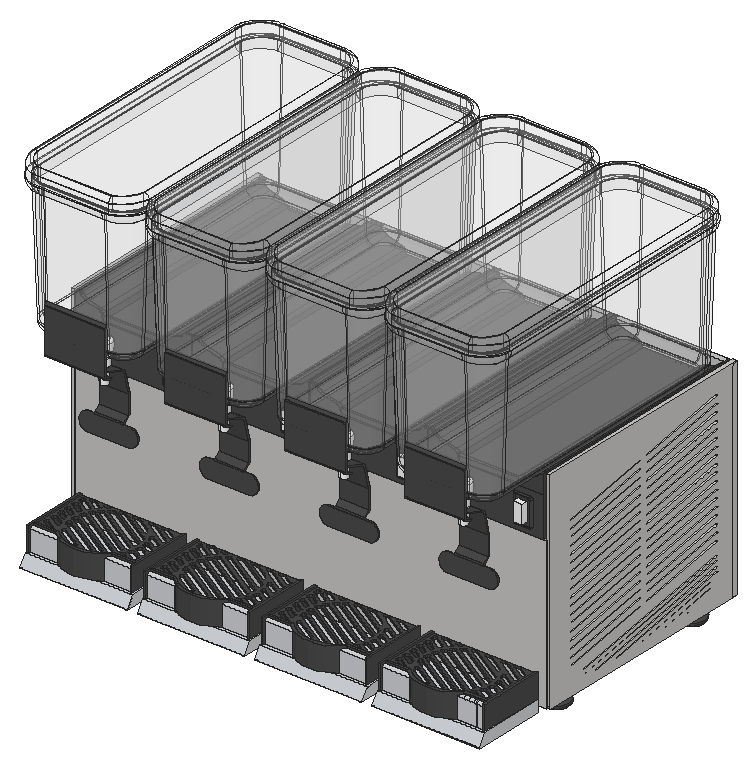
Revit family "QF_Vollrath-VBBD4-37T", category Specialty Equipment, Revit 2018 (continued)
Forms (in)
  Extrusion 59, solid, material "QF_Finishes-Black Plastic"
    sketch origin (14.07832, 0, 0) x (1, 0, 0) y (0, 0, 1)
      loop
        line (-1.76163, 12.68812) -> (-2.71887, 12.94461)
        arc (-2.71887, 12.94461) -> (-2.87282, 13.00838) -> (-3.00502, 13.10982) r 0.63833
        arc (-3.00502, 13.10982) -> (-3.04103, 13.1514) -> (-3.07072, 13.1977) r 0.3838
    from 3.12402 to 3.27362
  Extrusion 60, solid, material "QF_Finishes-Black Plastic"
    sketch origin (14.03594, -0.69203, -0.67436) x (0, 1, 0) y (0, 0, 1)
      loop
        arc (-6.7126, 12.77975) -> (-6.69637, 12.72827) -> (-6.65354, 12.69541) r 0.08975
        line (-6.65354, 12.69541) -> (-6.24829, 12.54791) -> (-6.22809, 12.6034) -> (-6.65354, 12.75825) -> (-6.65354, 15.43542) -> (-6.55627, 15.57434) -> (-6.585, 15.63626) -> (-6.69836, 15.47437)
        arc (-6.69836, 15.47437) -> (-6.70895, 15.45289) -> (-6.7126, 15.42921) r 0.07874
        line (-6.7126, 15.42921) -> (-6.7126, 12.77975)
    from -1.53543 to 2.09496
  Revolve 61, solid, material "QF_Finishes-White Rubber"
    sketch origin (14.33133, -0.00627, -0.98853) x (0, 1, 0) y (0, 0, 1)
      loop
        line (-5.26181, 11.35591) -> (-5.26181, 13.7196) -> (-5.58313, 13.7196)
        arc (-5.58313, 13.7196) -> (-5.66215, 13.68687) -> (-5.69488, 13.60785) r 0.11175
        line (-5.69488, 13.60785) -> (-5.6749, 12.85346) -> (-5.57506, 12.85346) -> (-5.57506, 12.36572) -> (-5.49364, 12.33608) -> (-5.49364, 11.35591) -> (-5.26181, 11.35591)
      axis (-5.26181, 11.35591) -> (-5.26181, 13.7196)
    angle from 0 to 360
  Extrusion 62, solid, material "QF_Finishes-Black Plastic"
    sketch origin (14.32352, 0.05623, -0.98853) x (0, 1, 0) y (0, 0, 1)
      loop
        line (-4.89794, 12.05642) -> (-4.5209, 10.64927) -> (-4.5209, 9.50735) -> (-4.87524, 9.24034)
        arc (-4.87524, 9.24034) -> (-4.89988, 9.20972) -> (-4.90703, 9.17106) r 0.08027
        line (-4.90703, 9.17106) -> (-4.84806, 9.16797) -> (-4.83447, 9.19711) -> (-4.4932, 9.45428)
        arc (-4.4932, 9.45428) -> (-4.47012, 9.48203) -> (-4.46184, 9.51717) r 0.07874
        line (-4.46184, 9.51717) -> (-4.46184, 10.65704) -> (-4.8302, 12.03176)
        arc (-4.8302, 12.03176) -> (-4.86865, 12.09212) -> (-4.92901, 12.13057) r 0.16532
        line (-4.92901, 12.13057) -> (-6.9898, 12.88064) -> (-7.01, 12.82515) -> (-4.89794, 12.05642)
    from -0.87952 to 0.8668
  Extrusion 63, solid, material "QF_Finishes-Black Plastic"
    sketch origin (14.31571, -0.40114, -1.21779) x (1, 0, 0) y (0, 0.052336, 0.99863)
      loop
        line (-1.23031, 8.07021) -> (1.23031, 8.07021)
        arc (1.23031, 8.07021) -> (1.77091, 8.61081) -> (1.23031, 9.1514) r 0.5406
        line (1.23031, 9.1514) -> (-1.23031, 9.1514)
        arc (-1.23031, 9.1514) -> (-1.77091, 8.61081) -> (-1.23031, 8.07021) r 0.5406
    from 4.87511 to 4.93413
  Sweep 64, solid, material "QF_Finishes-Clear Plastic"
    path origin (14.31571, 0, 0) x (1, 0, 0) y (0, 1, 0)
      loop
        arc (-2.3069, -6.00035) -> (-2.17234, -6.32521) -> (-1.84748, -6.45977) r 0.45942
        line (-1.84748, -6.45977) -> (1.84782, -6.45977)
        arc (1.84782, -6.45977) -> (2.17447, -6.32446) -> (2.30977, -5.99781) r 0.46195
        line (2.30977, -5.99781) -> (2.30977, 9.13206)
        arc (2.30977, 9.13206) -> (2.17447, 9.45871) -> (1.84782, 9.59402) r 0.46195
        line (1.84782, 9.59402) -> (-1.84748, 9.59402)
        arc (-1.84748, 9.59402) -> (-2.17234, 9.45946) -> (-2.3069, 9.1346) r 0.45942
        line (-2.3069, 9.1346) -> (-2.3069, -6.00035)
    profile origin (12.00881, 1.56713, 0) x (-1, 0, 0) y (0, 0, 1)
      loop
        line (1.00727, 21.24909) -> (0.86945, 21.24909) -> (0.60808, 13.43579)
        arc (0.60808, 13.43579) -> (0.48758, 13.16469) -> (0.21238, 13.05386) r 0.39514
        line (0.21238, 13.05386) -> (0.22508, 12.90709)
        arc (0.22508, 12.90709) -> (0.59013, 13.08301) -> (0.74651, 13.45684) r 0.57097
        line (0.74651, 13.45684) -> (1.00727, 21.24909)
  Extrusion 65, solid, material "QF_Finishes-Black Plastic"
    sketch origin (14.08474, 0, -0.6875) x (1, 0, 0) y (0, 0, 1)
      loop
        arc (-3.07536, 13.88194) -> (-3.14363, 13.93562) -> (-3.22835, 13.95475) r 0.19715
        line (-3.22835, 13.95475) -> (-3.43112, 13.95475) -> (-3.43112, 12.85346) -> (3.70354, 12.85346) -> (3.70354, 13.95475) -> (3.48715, 13.95475)
        arc (3.48715, 13.95475) -> (3.42114, 13.94337) -> (3.36274, 13.91054) r 0.19715
        arc (3.36274, 13.91054) -> (3.325, 13.82888) -> (3.26928, 13.75826) r 0.3838
        arc (3.26928, 13.75826) -> (3.13708, 13.65681) -> (2.98312, 13.59304) r 0.63833
        line (2.98312, 13.59304) -> (2.22998, 13.39124)
        arc (2.22998, 13.39124) -> (2.1139, 13.32397) -> (2.04739, 13.20745) r 0.2576
        line (2.04739, 13.20745) -> (1.99464, 12.90825) -> (-1.51709, 12.90825) -> (-1.58429, 13.18714)
        arc (-1.58429, 13.18714) -> (-1.65028, 13.30662) -> (-1.76806, 13.37562) r 0.2576
        line (-1.76806, 13.37562) -> (-2.72529, 13.63211)
        arc (-2.72529, 13.63211) -> (-2.87925, 13.69588) -> (-3.01145, 13.79732) r 0.63833
        arc (-3.01145, 13.79732) -> (-3.04746, 13.8389) -> (-3.07715, 13.8852) r 0.3838
    from -10.7576 to 3.27362
  Sweep 66, solid, material "QF_Finishes-Clear Plastic"
    path origin (14.31571, 0, 0) x (1, 0, 0) y (0, 1, 0)
      loop
        line (1.97575, 9.86597) -> (-1.98, 9.86597)
        arc (-1.98, 9.86597) -> (-2.54709, 9.63108) -> (-2.78198, 9.064) r 0.80197
        line (-2.78198, 9.064) -> (-2.78198, -6.12347)
        arc (-2.78198, -6.12347) -> (-2.53304, -6.72445) -> (-1.93206, -6.97339) r 0.84992
        line (-1.93206, -6.97339) -> (1.91929, -6.97339)
        arc (1.91929, -6.97339) -> (2.53134, -6.71987) -> (2.78485, -6.10782) r 0.86556
        line (2.78485, -6.10782) -> (2.78485, 9.05687)
        arc (2.78485, 9.05687) -> (2.54787, 9.62899) -> (1.97575, 9.86597) r 0.8091
    profile origin (14.31358, 9.86597, 0) x (0, -1, 0) y (0, 0, 1)
      loop
        line (-0.42938, 20.63713) -> (-0.42938, 21.24909) -> (-0.79275, 21.24909)
        arc (-0.79275, 21.24909) -> (-0.70652, 20.88644) -> (-0.42938, 20.63713) r 0.62589
  Sweep 67, solid, material "QF_Finishes-Black Plastic"
    path origin (14.07832, 0, 0) x (1, 0, 0) y (0, 0, 1)
      loop
        arc (-2.90354, 10.17079) -> (-2.88625, 10.12903) -> (-2.84449, 10.11173) r 0.05906
        line (-2.84449, 10.11173) -> (-1.99803, 10.11173)
        arc (-1.99803, 10.11173) -> (-1.95627, 10.12903) -> (-1.93898, 10.17079) r 0.05906
        line (-1.93898, 10.17079) -> (-1.93898, 11.63929)
        arc (-1.93898, 11.63929) -> (-1.95627, 11.68105) -> (-1.99803, 11.69835) r 0.05906
        line (-1.99803, 11.69835) -> (-2.84449, 11.69835)
        arc (-2.84449, 11.69835) -> (-2.88625, 11.68105) -> (-2.90354, 11.63929) r 0.05906
        line (-2.90354, 11.63929) -> (-2.90354, 10.17079)
    profile origin (11.17477, 0, 10.90504) x (-1, 0, 0) y (0, -1, 0)
      loop
        arc (0.09489, 3.27803) -> (0.04169, 3.30166) -> (0.01972, 3.35557) r 0.0779
        arc (0.01972, 3.35557) -> (0.01127, 3.3726) -> (-0.00738, 3.37633) r 0.02157
        line (-0.00738, 3.37633) -> (-0.00738, 3.27803) -> (0.09489, 3.27803)
  Sweep 68, solid, material "QF_Finishes-Black Plastic"
    path origin (14.07832, 0, 0) x (-1, 0, 0) y (0, 0, 1)
      loop
        arc (-2.90354, 10.17079) -> (-2.88625, 10.12903) -> (-2.84449, 10.11173) r 0.05906
        line (-2.84449, 10.11173) -> (-1.99803, 10.11173)
        arc (-1.99803, 10.11173) -> (-1.95627, 10.12903) -> (-1.93898, 10.17079) r 0.05906
        line (-1.93898, 10.17079) -> (-1.93898, 11.63929)
        arc (-1.93898, 11.63929) -> (-1.95627, 11.68105) -> (-1.99803, 11.69835) r 0.05906
        line (-1.99803, 11.69835) -> (-2.84449, 11.69835)
        arc (-2.84449, 11.69835) -> (-2.88625, 11.68105) -> (-2.90354, 11.63929) r 0.05906
        line (-2.90354, 11.63929) -> (-2.90354, 10.17079)
    profile origin (16.98186, 0, 10.90504) x (-1, 0, 0) y (0, -1, 0)
      loop
        line (-0.09489, 3.27803) -> (0.00738, 3.27803) -> (0.00738, 3.37633)
        arc (0.00738, 3.37633) -> (-0.01127, 3.3726) -> (-0.01972, 3.35557) r 0.02157
        arc (-0.01972, 3.35557) -> (-0.04169, 3.30166) -> (-0.09489, 3.27803) r 0.0779
  Extrusion 69, solid, material "QF_Finishes-White Rubber"
    sketch origin (14.07832, 0, 0) x (1, 0, 0) y (0, 0, 1)
      loop
        line (-2.66535, 10.3637) -> (-2.17717, 10.3637) -> (-2.17717, 11.44638) -> (-2.66535, 11.44638) -> (-2.66535, 10.3637)
    from 3.27362 to 3.65598
  Extrusion 70, solid, material "QF_Finishes-White Rubber"
    sketch origin (14.07832, 0, 0) x (-1, 0, 0) y (0, 0, -1)
      loop
        line (-2.66535, -10.3637) -> (-2.66535, -11.44638) -> (-2.17717, -11.44638) -> (-2.17717, -10.3637) -> (-2.66535, -10.3637)
    from 3.27362 to 3.65598
  Extrusion 71, solid, material "QF_Finishes-Clear Plastic"
    sketch origin (14.31248, 0, 0) x (1, 0, 0) y (0, 1, 0)
      loop
        line (-2.51928, 9.1346) -> (-2.51928, -6.00035)
        arc (-2.51928, -6.00035) -> (-2.32251, -6.47538) -> (-1.84748, -6.67215) r 0.6718
        line (-1.84748, -6.67215) -> (1.84782, -6.67215)
        arc (1.84782, -6.67215) -> (2.32464, -6.47464) -> (2.52215, -5.99781) r 0.67433
        line (2.52215, -5.99781) -> (2.52215, 9.13206)
        arc (2.52215, 9.13206) -> (2.32464, 9.60889) -> (1.84782, 9.8064) r 0.67433
        line (1.84782, 9.8064) -> (-1.84748, 9.8064)
        arc (-1.84748, 9.8064) -> (-2.32251, 9.60963) -> (-2.51928, 9.1346) r 0.6718
    from 12.90709 to 13.05386
  Sweep 72, solid, material "QF_Finishes-Clear Plastic"
    path origin (21.5016, 3.74664, -1.59015) x (1, 0, 0) y (0, 1, 0)
      loop
        line (-2.2551, -11.10622) -> (2.2551, -11.10622)
        arc (2.2551, -11.10622) -> (2.85564, -10.64462) -> (3.17382, -9.95724) r 1.58698
        line (3.17382, -9.95724) -> (3.17382, 5.36453)
        arc (3.17382, 5.36453) -> (2.71278, 6.17327) -> (1.84782, 6.51746) r 1.40778
        line (1.84782, 6.51746) -> (-1.84782, 6.51746)
        arc (-1.84782, 6.51746) -> (-2.71161, 6.17429) -> (-3.17326, 5.36758) r 1.40778
        line (-3.17326, 5.36758) -> (-3.17326, -9.96011)
        arc (-3.17326, -9.96011) -> (-2.85472, -10.64576) -> (-2.2551, -11.10622) r 1.58698
    profile origin (21.5016, -7.35958, -1.59015) x (0, 1, 0) y (0, 0, 1)
      loop
        line (-0.39475, 22.88102) -> (-0.01824, 22.88102) -> (-0.01824, 23.6765)
        arc (-0.01824, 23.6765) -> (-0.26993, 23.6729) -> (-0.39475, 23.45431) r 0.25381
        line (-0.39475, 23.45431) -> (-0.39475, 22.88102)
  Extrusion 73, solid, material "QF_Finishes-Black Plastic"
    sketch origin (21.07671, 0, 0) x (1, 0, 0) y (0, 0, 1)
      loop
        line (-3.28843, 9.73814) -> (3.6516, 9.73814) -> (3.6516, 13.26725) -> (3.58732, 13.26725)
        arc (3.58732, 13.26725) -> (3.52131, 13.25587) -> (3.46292, 13.22304) r 0.19715
        arc (3.46292, 13.22304) -> (3.42517, 13.14138) -> (3.36946, 13.07076) r 0.3838
        arc (3.36946, 13.07076) -> (3.23725, 12.96931) -> (3.0833, 12.90554) r 0.63833
        line (3.0833, 12.90554) -> (2.33016, 12.70374)
        arc (2.33016, 12.70374) -> (2.21408, 12.63647) -> (2.14757, 12.51995) r 0.2576
        line (2.14757, 12.51995) -> (-1.4899, 12.51995)
        arc (-1.4899, 12.51995) -> (-1.55763, 12.62653) -> (-1.66788, 12.68812) r 0.2576
        line (-1.66788, 12.68812) -> (-2.62512, 12.94461)
        arc (-2.62512, 12.94461) -> (-2.77907, 13.00838) -> (-2.91127, 13.10982) r 0.63833
        arc (-2.91127, 13.10982) -> (-2.94616, 13.14991) -> (-2.97518, 13.19444) r 0.3838
        arc (-2.97518, 13.19444) -> (-3.04345, 13.24812) -> (-3.12817, 13.26725) r 0.19715
        line (-3.12817, 13.26725) -> (-3.28843, 13.26725) -> (-3.28843, 9.73814)
    from 3.12402 to 3.27362
  Extrusion 74, solid, material "QF_Finishes-Black Plastic"
    sketch origin (21.22184, -0.69203, -0.67436) x (0, 1, 0) y (0, 0, 1)
      loop
        arc (-6.7126, 12.77975) -> (-6.69637, 12.72827) -> (-6.65354, 12.69541) r 0.08975
        line (-6.65354, 12.69541) -> (-6.24829, 12.54791) -> (-6.22809, 12.6034) -> (-6.65354, 12.75825) -> (-6.65354, 15.43542) -> (-6.55627, 15.57434) -> (-6.585, 15.63626) -> (-6.69836, 15.47437)
        arc (-6.69836, 15.47437) -> (-6.70895, 15.45289) -> (-6.7126, 15.42921) r 0.07874
        line (-6.7126, 15.42921) -> (-6.7126, 12.77975)
    from -1.53543 to 2.09496
  Revolve 75, solid, material "QF_Finishes-White Rubber"
    sketch origin (21.51723, -0.00627, -0.98853) x (0, 1, 0) y (0, 0, 1)
      loop
        line (-5.26181, 11.35591) -> (-5.26181, 13.7196) -> (-5.58313, 13.7196)
        arc (-5.58313, 13.7196) -> (-5.66215, 13.68687) -> (-5.69488, 13.60785) r 0.11175
        line (-5.69488, 13.60785) -> (-5.6749, 12.85346) -> (-5.57506, 12.85346) -> (-5.57506, 12.36572) -> (-5.49364, 12.33608) -> (-5.49364, 11.35591) -> (-5.26181, 11.35591)
      axis (-5.26181, 11.35591) -> (-5.26181, 13.7196)
    angle from 0 to 360
  Extrusion 76, solid, material "QF_Finishes-Black Plastic"
    sketch origin (21.50941, 0.05623, -0.98853) x (0, 1, 0) y (0, 0, 1)
      loop
        line (-4.89794, 12.05642) -> (-4.5209, 10.64927) -> (-4.5209, 9.50735) -> (-4.87524, 9.24034)
        arc (-4.87524, 9.24034) -> (-4.89988, 9.20972) -> (-4.90703, 9.17106) r 0.08027
        line (-4.90703, 9.17106) -> (-4.84806, 9.16797) -> (-4.83447, 9.19711) -> (-4.4932, 9.45428)
        arc (-4.4932, 9.45428) -> (-4.47012, 9.48203) -> (-4.46184, 9.51717) r 0.07874
        line (-4.46184, 9.51717) -> (-4.46184, 10.65704) -> (-4.8302, 12.03176)
        arc (-4.8302, 12.03176) -> (-4.86865, 12.09212) -> (-4.92901, 12.13057) r 0.16532
        line (-4.92901, 12.13057) -> (-6.9898, 12.88064) -> (-7.01, 12.82515) -> (-4.89794, 12.05642)
    from -0.87952 to 0.8668
  Extrusion 77, solid, material "QF_Finishes-Black Plastic"
    sketch origin (21.5016, -0.40114, -1.21779) x (1, 0, 0) y (0, 0.052336, 0.99863)
      loop
        line (-1.23031, 8.07021) -> (1.23031, 8.07021)
        arc (1.23031, 8.07021) -> (1.77091, 8.61081) -> (1.23031, 9.1514) r 0.5406
        line (1.23031, 9.1514) -> (-1.23031, 9.1514)
        arc (-1.23031, 9.1514) -> (-1.77091, 8.61081) -> (-1.23031, 8.07021) r 0.5406
    from 4.87511 to 4.93413
  Sweep 78, solid, material "QF_Finishes-Clear Plastic"
    path origin (21.5016, 0, 0) x (1, 0, 0) y (0, 1, 0)
      loop
        arc (-2.3069, -6.00035) -> (-2.17234, -6.32521) -> (-1.84748, -6.45977) r 0.45942
        line (-1.84748, -6.45977) -> (1.84782, -6.45977)
        arc (1.84782, -6.45977) -> (2.17447, -6.32446) -> (2.30977, -5.99781) r 0.46195
        line (2.30977, -5.99781) -> (2.30977, 9.13206)
        arc (2.30977, 9.13206) -> (2.17447, 9.45871) -> (1.84782, 9.59402) r 0.46195
        line (1.84782, 9.59402) -> (-1.84748, 9.59402)
        arc (-1.84748, 9.59402) -> (-2.17234, 9.45946) -> (-2.3069, 9.1346) r 0.45942
        line (-2.3069, 9.1346) -> (-2.3069, -6.00035)
    profile origin (19.19471, 1.56713, 0) x (-1, 0, 0) y (0, 0, 1)
      loop
        line (1.00727, 21.24909) -> (0.86945, 21.24909) -> (0.60808, 13.43579)
        arc (0.60808, 13.43579) -> (0.48758, 13.16469) -> (0.21238, 13.05386) r 0.39514
        line (0.21238, 13.05386) -> (0.22508, 12.90709)
        arc (0.22508, 12.90709) -> (0.59013, 13.08301) -> (0.74651, 13.45684) r 0.57097
        line (0.74651, 13.45684) -> (1.00727, 21.24909)
  Extrusion 79, solid, material "QF_Finishes-Black Plastic"
    sketch origin (21.08314, 0, -0.6875) x (1, 0, 0) y (0, 0, 1)
      loop
        line (-3.29486, 13.95475) -> (-3.29486, 12.85346) -> (3.64518, 12.85346) -> (3.64518, 13.95475) -> (3.5809, 13.95475)
        arc (3.5809, 13.95475) -> (3.51489, 13.94337) -> (3.45649, 13.91054) r 0.19715
        arc (3.45649, 13.91054) -> (3.41875, 13.82888) -> (3.36303, 13.75826) r 0.3838
        arc (3.36303, 13.75826) -> (3.23083, 13.65681) -> (3.07687, 13.59304) r 0.63833
        line (3.07687, 13.59304) -> (2.32373, 13.39124)
        arc (2.32373, 13.39124) -> (2.20765, 13.32397) -> (2.14114, 13.20745) r 0.2576
        line (2.14114, 13.20745) -> (2.08839, 12.90825) -> (-1.42334, 12.90825) -> (-1.49054, 13.18714)
        arc (-1.49054, 13.18714) -> (-1.55653, 13.30662) -> (-1.67431, 13.37562) r 0.2576
        line (-1.67431, 13.37562) -> (-2.63154, 13.63211)
        arc (-2.63154, 13.63211) -> (-2.7855, 13.69588) -> (-2.9177, 13.79732) r 0.63833
        arc (-2.9177, 13.79732) -> (-2.95259, 13.83741) -> (-2.98161, 13.88194) r 0.3838
        arc (-2.98161, 13.88194) -> (-3.04988, 13.93562) -> (-3.1346, 13.95475) r 0.19715
        line (-3.1346, 13.95475) -> (-3.29486, 13.95475)
    from -10.7576 to 3.27362
  Sweep 80, solid, material "QF_Finishes-Clear Plastic"
    path origin (21.5016, 0, 0) x (1, 0, 0) y (0, 1, 0)
      loop
        line (1.97575, 9.86597) -> (-1.98, 9.86597)
        arc (-1.98, 9.86597) -> (-2.54709, 9.63108) -> (-2.78198, 9.064) r 0.80197
        line (-2.78198, 9.064) -> (-2.78198, -6.12347)
        arc (-2.78198, -6.12347) -> (-2.53304, -6.72445) -> (-1.93206, -6.97339) r 0.84992
        line (-1.93206, -6.97339) -> (1.91929, -6.97339)
        arc (1.91929, -6.97339) -> (2.53134, -6.71987) -> (2.78485, -6.10782) r 0.86556
        line (2.78485, -6.10782) -> (2.78485, 9.05687)
        arc (2.78485, 9.05687) -> (2.54787, 9.62899) -> (1.97575, 9.86597) r 0.8091
    profile origin (21.49948, 9.86597, 0) x (0, -1, 0) y (0, 0, 1)
      loop
        line (-0.42938, 20.63713) -> (-0.42938, 21.24909) -> (-0.79275, 21.24909)
        arc (-0.79275, 21.24909) -> (-0.70652, 20.88644) -> (-0.42938, 20.63713) r 0.62589
  Sweep 81, solid, material "QF_Finishes-Black Plastic"
    path origin (21.07671, 0, 0) x (1, 0, 0) y (0, 0, 1)
      loop
        arc (-2.90354, 10.17079) -> (-2.88625, 10.12903) -> (-2.84449, 10.11173) r 0.05906
        line (-2.84449, 10.11173) -> (-1.99803, 10.11173)
        arc (-1.99803, 10.11173) -> (-1.95627, 10.12903) -> (-1.93898, 10.17079) r 0.05906
        line (-1.93898, 10.17079) -> (-1.93898, 11.63929)
        arc (-1.93898, 11.63929) -> (-1.95627, 11.68105) -> (-1.99803, 11.69835) r 0.05906
        line (-1.99803, 11.69835) -> (-2.84449, 11.69835)
        arc (-2.84449, 11.69835) -> (-2.88625, 11.68105) -> (-2.90354, 11.63929) r 0.05906
        line (-2.90354, 11.63929) -> (-2.90354, 10.17079)
    profile origin (18.17317, 0, 10.90504) x (-1, 0, 0) y (0, -1, 0)
      loop
        arc (0.09489, 3.27803) -> (0.04169, 3.30166) -> (0.01972, 3.35557) r 0.0779
        arc (0.01972, 3.35557) -> (0.01127, 3.3726) -> (-0.00738, 3.37633) r 0.02157
        line (-0.00738, 3.37633) -> (-0.00738, 3.27803) -> (0.09489, 3.27803)
  Sweep 82, solid, material "QF_Finishes-Black Plastic"
    path origin (21.07671, 0, 0) x (-1, 0, 0) y (0, 0, 1)
      loop
        arc (-2.90354, 10.17079) -> (-2.88625, 10.12903) -> (-2.84449, 10.11173) r 0.05906
        line (-2.84449, 10.11173) -> (-1.99803, 10.11173)
        arc (-1.99803, 10.11173) -> (-1.95627, 10.12903) -> (-1.93898, 10.17079) r 0.05906
        line (-1.93898, 10.17079) -> (-1.93898, 11.63929)
        arc (-1.93898, 11.63929) -> (-1.95627, 11.68105) -> (-1.99803, 11.69835) r 0.05906
        line (-1.99803, 11.69835) -> (-2.84449, 11.69835)
        arc (-2.84449, 11.69835) -> (-2.88625, 11.68105) -> (-2.90354, 11.63929) r 0.05906
        line (-2.90354, 11.63929) -> (-2.90354, 10.17079)
    profile origin (23.98026, 0, 10.90504) x (-1, 0, 0) y (0, -1, 0)
      loop
        line (-0.09489, 3.27803) -> (0.00738, 3.27803) -> (0.00738, 3.37633)
        arc (0.00738, 3.37633) -> (-0.01127, 3.3726) -> (-0.01972, 3.35557) r 0.02157
        arc (-0.01972, 3.35557) -> (-0.04169, 3.30166) -> (-0.09489, 3.27803) r 0.0779
  Extrusion 83, solid, material "QF_Finishes-White Rubber"
    sketch origin (21.07671, 0, 0) x (1, 0, 0) y (0, 0, 1)
      loop
        line (-2.66535, 10.3637) -> (-2.17717, 10.3637) -> (-2.17717, 11.44638) -> (-2.66535, 11.44638) -> (-2.66535, 10.3637)
    from 3.27362 to 3.65598
  Extrusion 84, solid, material "QF_Finishes-White Rubber"
    sketch origin (21.07671, 0, 0) x (-1, 0, 0) y (0, 0, -1)
      loop
        line (-2.66535, -10.3637) -> (-2.66535, -11.44638) -> (-2.17717, -11.44638) -> (-2.17717, -10.3637) -> (-2.66535, -10.3637)
    from 3.27362 to 3.65598
  Extrusion 85, solid, material "QF_Finishes-Clear Plastic"
    sketch origin (21.50619, 0, 0) x (1, 0, 0) y (0, 1, 0)
      loop
        line (-2.51928, 9.1346) -> (-2.51928, -6.00035)
        arc (-2.51928, -6.00035) -> (-2.32251, -6.47538) -> (-1.84748, -6.67215) r 0.6718
        line (-1.84748, -6.67215) -> (1.84782, -6.67215)
        arc (1.84782, -6.67215) -> (2.32464, -6.47464) -> (2.52215, -5.99781) r 0.67433
        line (2.52215, -5.99781) -> (2.52215, 9.13206)
        arc (2.52215, 9.13206) -> (2.32464, 9.60889) -> (1.84782, 9.8064) r 0.67433
        line (1.84782, 9.8064) -> (-1.84748, 9.8064)
        arc (-1.84748, 9.8064) -> (-2.32251, 9.60963) -> (-2.51928, 9.1346) r 0.6718
    from 12.90709 to 13.05386
  Extrusion 86, solid, material "QF_Finishes-Black Plastic"
    sketch origin (21.18813, 0, 0) x (1, 0, 0) y (0, 1, 0)
      loop
        line (3.18945, -3.12402) -> (-3.14914, -3.12402) -> (-3.14914, -7.27756) -> (-3.05071, -7.27756) -> (-3.05071, -6.9626) -> (-1.68325, -6.9626)
        arc (-1.68325, -6.9626) -> (-1.65302, -6.96863) -> (-1.62741, -6.98581) r 0.07879
        arc (-1.62741, -6.98581) -> (0.01907, -7.67007) -> (1.66554, -6.98581) r 2.323
        arc (1.66554, -6.98581) -> (1.69232, -6.96862) -> (1.72357, -6.9626) r 0.08414
        line (1.72357, -6.9626) -> (3.09102, -6.9626) -> (3.09102, -7.27756) -> (3.18945, -7.27756) -> (3.18945, -3.12402)
      loop
        line (-3.05071, -3.19488) -> (-3.05071, -6.8248) -> (-1.68325, -6.8248)
        arc (-1.68325, -6.8248) -> (-1.60014, -6.84139) -> (-1.52977, -6.88862) r 0.21647
        arc (-1.52977, -6.88862) -> (0.02, -7.53304) -> (1.56978, -6.88862) r 2.18576
        arc (1.56978, -6.88862) -> (1.64015, -6.84139) -> (1.72326, -6.8248) r 0.21647
        line (1.72326, -6.8248) -> (3.09102, -6.8248) -> (3.09102, -3.19488) -> (-3.05071, -3.19488)
    from 1.03543 to 2.48031
  Extrusion 87, solid
    sketch origin (21.18813, 0, 0) x (0, 1, 0) y (0, 0, 1)
      loop
        line (-3.39961, 1.03543) -> (-7.3563, 1.03543) -> (-7.75, 0.3937) -> (-7.75, 0.35433) -> (-3.39961, 0.35433) -> (-3.39961, 1.03543)
    from -3.17717 to 3.27868
  Extrusion 88, solid
    sketch origin (21.18813, 0, 0) x (0, 1, 0) y (0, 0, -1)
      loop
        line (-6.9626, -2.40157) -> (-6.9626, -1.03543) -> (-7.18008, -1.03543) -> (-7.18008, -2.28346)
        arc (-7.18008, -2.28346) -> (-7.08882, -2.37471) -> (-6.9626, -2.40157) r 0.22732
    from -3.09102 to -1.40314
  Extrusion 89, solid, material "QF_Finishes-Black Plastic"
    sketch origin (21.18922, 0, 0) x (1, 0, 0) y (0, 1, 0)
      loop
        line (-3.05071, -6.8248) -> (-1.68325, -6.8248)
        arc (-1.68325, -6.8248) -> (-1.60014, -6.84139) -> (-1.52977, -6.88862) r 0.21647
        arc (-1.52977, -6.88862) -> (0.02, -7.53304) -> (1.56978, -6.88862) r 2.18576
        arc (1.56978, -6.88862) -> (1.64015, -6.84139) -> (1.72326, -6.8248) r 0.21647
        line (1.72326, -6.8248) -> (3.09102, -6.8248) -> (3.09102, -3.19488) -> (-3.05071, -3.19488) -> (-3.05071, -6.8248)
      loop
        line (1.99999, -5.31469) -> (-0.85274, -3.56972)
        arc (-0.85274, -3.56972) -> (-0.90143, -3.55568) -> (-0.95047, -3.56848) r 0.09564
        line (-0.95047, -3.56848) -> (-1.05079, -3.62641)
        arc (-1.05079, -3.62641) -> (-1.09797, -3.71056) -> (-1.05079, -3.79471) r 0.09865
        line (-1.05079, -3.79471) -> (1.89113, -5.59424)
        arc (1.89113, -5.59424) -> (1.98696, -5.59808) -> (2.04057, -5.51856) r 0.09843
        line (2.04057, -5.51856) -> (2.04706, -5.40253)
        arc (2.04706, -5.40253) -> (2.03544, -5.35223) -> (1.99999, -5.31469) r 0.09857
      loop
        line (1.92869, -5.80182) -> (-1.25519, -3.85429)
        arc (-1.25519, -3.85429) -> (-1.31546, -3.84407) -> (-1.37003, -3.87162) r 0.09782
        line (-1.37003, -3.87162) -> (-1.44371, -3.9453)
        arc (-1.44371, -3.9453) -> (-1.47148, -4.02385) -> (-1.42783, -4.09482) r 0.09665
        line (-1.42783, -4.09482) -> (1.79158, -6.06408)
        arc (1.79158, -6.06408) -> (1.8762, -6.07294) -> (1.93593, -6.01235) r 0.09812
        line (1.93593, -6.01235) -> (1.96819, -5.91075)
        arc (1.96819, -5.91075) -> (1.96695, -5.84957) -> (1.92869, -5.80182) r 0.09507
      loop
        line (1.74837, -6.22226) -> (-1.54753, -4.20621)
        arc (-1.54753, -4.20621) -> (-1.61887, -4.19636) -> (-1.67693, -4.23897) r 0.09584
        line (-1.67693, -4.23897) -> (-1.73108, -4.32679)
        arc (-1.73108, -4.32679) -> (-1.743, -4.39877) -> (-1.70104, -4.45845) r 0.09631
        line (-1.70104, -4.45845) -> (1.59739, -6.47604)
        arc (1.59739, -6.47604) -> (1.66914, -6.48577) -> (1.72723, -6.44255) r 0.09587
        line (1.72723, -6.44255) -> (1.78078, -6.35401)
        arc (1.78078, -6.35401) -> (1.79129, -6.28157) -> (1.74837, -6.22226) r 0.09741
      loop
        line (1.48132, -6.58966) -> (-1.74811, -4.61427)
        arc (-1.74811, -4.61427) -> (-1.83177, -4.60731) -> (-1.88979, -4.66798) r 0.09744
        line (-1.88979, -4.66798) -> (-1.92257, -4.76761)
        arc (-1.92257, -4.76761) -> (-1.92194, -4.82904) -> (-1.88395, -4.87732) r 0.0953
        line (-1.88395, -4.87732) -> (1.30511, -6.82801)
        arc (1.30511, -6.82801) -> (1.36581, -6.8405) -> (1.42146, -6.81321) r 0.09579
        line (1.42146, -6.81321) -> (1.49519, -6.73948)
        arc (1.49519, -6.73948) -> (1.52341, -6.66132) -> (1.48132, -6.58966) r 0.09779
      loop
        line (1.10757, -6.89177) -> (-1.84914, -5.0832)
        arc (-1.84914, -5.0832) -> (-1.94458, -5.07917) -> (-1.99846, -5.15805) r 0.0984
        line (-1.99846, -5.15805) -> (-2.00593, -5.27264)
        arc (-2.00593, -5.27264) -> (-1.99506, -5.32396) -> (-1.95906, -5.3621) r 0.09696
        line (-1.95906, -5.3621) -> (0.91264, -7.11867)
        arc (0.91264, -7.11867) -> (0.96072, -7.13194) -> (1.0088, -7.11867) r 0.09375
        line (1.0088, -7.11867) -> (1.10757, -7.05966)
        arc (1.10757, -7.05966) -> (1.15463, -6.97572) -> (1.10757, -6.89177) r 0.0984
      loop
        line (0.60863, -7.11732) -> (-1.82264, -5.63015)
        arc (-1.82264, -5.63015) -> (-1.92999, -5.63329) -> (-1.97033, -5.73281) r 0.09825
        line (-1.97033, -5.73281) -> (-1.93774, -5.87396)
        arc (-1.93774, -5.87396) -> (-1.92175, -5.90738) -> (-1.89442, -5.93238) r 0.09714
        line (-1.89442, -5.93238) -> (0.37225, -7.31886)
        arc (0.37225, -7.31886) -> (0.40695, -7.33252) -> (0.44421, -7.33107) r 0.09073
        line (0.44421, -7.33107) -> (0.58467, -7.29582)
        arc (0.58467, -7.29582) -> (0.65482, -7.21438) -> (0.60863, -7.11732) r 0.09843
      loop
        line (-0.15644, -7.18008) -> (-1.53008, -6.33984)
        arc (-1.53008, -6.33984) -> (-1.65245, -6.35562) -> (-1.66332, -6.47852) r 0.09845
        line (-1.66332, -6.47852) -> (-1.474, -6.72028) -> (-0.52036, -7.30361) -> (-0.21942, -7.36177)
        arc (-0.21942, -7.36177) -> (-0.1148, -7.29628) -> (-0.15644, -7.18008) r 0.09842
      loop
        line (1.92796, -4.73989) -> (-0.30697, -3.37282)
        arc (-0.30697, -3.37282) -> (-0.34079, -3.3598) -> (-0.37704, -3.35963) r 0.10043
        line (-0.37704, -3.35963) -> (-0.52004, -3.39377)
        arc (-0.52004, -3.39377) -> (-0.59167, -3.47506) -> (-0.54547, -3.57306) r 0.09865
        line (-0.54547, -3.57306) -> (1.85831, -5.04342)
        arc (1.85831, -5.04342) -> (1.96624, -5.03999) -> (2.00606, -4.93962) r 0.09842
        line (2.00606, -4.93962) -> (1.97137, -4.79716)
        arc (1.97137, -4.79716) -> (1.95507, -4.76442) -> (1.92796, -4.73989) r 0.09857
      loop
        line (1.46531, -3.92615) -> (0.62845, -3.41426)
        arc (0.62845, -3.41426) -> (0.46776, -3.37153) -> (0.30428, -3.34114) r 2.18615
        arc (0.30428, -3.34114) -> (0.19761, -3.4051) -> (0.23921, -3.5223) r 0.09818
        line (0.23921, -3.5223) -> (1.54679, -4.32213)
        arc (1.54679, -4.32213) -> (1.66978, -4.30502) -> (1.67799, -4.18113) r 0.09835
        arc (1.67799, -4.18113) -> (1.57664, -4.04948) -> (1.46531, -3.92615) r 2.12561
      loop
        line (2.83911, -4.23574) -> (1.36588, -3.33459)
        arc (1.36588, -3.33459) -> (1.34175, -3.32427) -> (1.31572, -3.32087) r 0.09593
        arc (1.31572, -3.32087) -> (1.27881, -3.321) -> (1.2419, -3.32087) r 5.03614
        arc (1.2419, -3.32087) -> (1.14687, -3.39171) -> (1.18925, -3.5024) r 0.0982
        arc (1.18925, -3.5024) -> (1.38493, -3.6409) -> (1.56306, -3.80134) r 2.04444
        line (1.56306, -3.80134) -> (2.73642, -4.51906)
        arc (2.73642, -4.51906) -> (2.8353, -4.51983) -> (2.88433, -4.43395) r 0.09782
        arc (2.88433, -4.43395) -> (2.88401, -4.37627) -> (2.88433, -4.31858) r 5.14481
        arc (2.88433, -4.31858) -> (2.87254, -4.27125) -> (2.83911, -4.23574) r 0.0965
      loop
        line (2.83639, -3.70334) -> (2.23231, -3.33383)
        arc (2.23231, -3.33383) -> (2.21027, -3.32439) -> (2.18655, -3.32087) r 0.09339
        line (2.18655, -3.32087) -> (1.99477, -3.32087)
        arc (1.99477, -3.32087) -> (1.89988, -3.39257) -> (1.94341, -3.50325) r 0.09837
        line (1.94341, -3.50325) -> (2.73528, -3.98763)
        arc (2.73528, -3.98763) -> (2.83413, -3.98931) -> (2.88433, -3.90415) r 0.09818
        arc (2.88433, -3.90415) -> (2.88448, -3.84599) -> (2.88433, -3.78784) r 11.3571
        arc (2.88433, -3.78784) -> (2.87139, -3.73933) -> (2.83639, -3.70334) r 0.09933
      loop
        arc (-2.69423, -5.62775) -> (-2.79372, -5.62586) -> (-2.84402, -5.71171) r 0.09843
        line (-2.84402, -5.71171) -> (-2.84402, -5.82709)
        arc (-2.84402, -5.82709) -> (-2.83145, -5.87522) -> (-2.79695, -5.91106) r 0.09843
        line (-2.79695, -5.91106) -> (-2.13741, -6.31449)
        arc (-2.13741, -6.31449) -> (-2.02317, -6.30683) -> (-1.99384, -6.19615) r 0.09819
        line (-1.99384, -6.19615) -> (-2.04986, -6.04886)
        arc (-2.04986, -6.04886) -> (-2.066, -6.01898) -> (-2.09144, -5.99647) r 0.09728
        line (-2.09144, -5.99647) -> (-2.69423, -5.62775)
      loop
        arc (-2.69423, -5.09701) -> (-2.79372, -5.09512) -> (-2.84402, -5.18097) r 0.09843
        line (-2.84402, -5.18097) -> (-2.84402, -5.29635)
        arc (-2.84402, -5.29635) -> (-2.83145, -5.34448) -> (-2.79695, -5.38032) r 0.09843
        line (-2.79695, -5.38032) -> (-2.30078, -5.68381)
        arc (-2.30078, -5.68381) -> (-2.19664, -5.68292) -> (-2.1516, -5.58901) r 0.09843
        line (-2.1516, -5.58901) -> (-2.16128, -5.47226)
        arc (-2.16128, -5.47226) -> (-2.17523, -5.42752) -> (-2.20826, -5.39428) r 0.09865
        line (-2.20826, -5.39428) -> (-2.69423, -5.09701)
      loop
        arc (-2.69423, -4.56627) -> (-2.79372, -4.56438) -> (-2.84402, -4.65023) r 0.09843
        line (-2.84402, -4.65023) -> (-2.84402, -4.76561)
        arc (-2.84402, -4.76561) -> (-2.83145, -4.81374) -> (-2.79695, -4.84958) r 0.09843
        line (-2.79695, -4.84958) -> (-2.29775, -5.15493)
        arc (-2.29775, -5.15493) -> (-2.20358, -5.15958) -> (-2.14873, -5.0829) r 0.09839
        line (-2.14873, -5.0829) -> (-2.13391, -4.98165)
        arc (-2.13391, -4.98165) -> (-2.14196, -4.92467) -> (-2.17954, -4.8811) r 0.10209
        line (-2.17954, -4.8811) -> (-2.69423, -4.56627)
      loop
        arc (-2.69423, -4.03555) -> (-2.79372, -4.03365) -> (-2.84402, -4.11951) r 0.09843
        line (-2.84402, -4.11951) -> (-2.84402, -4.23489)
        arc (-2.84402, -4.23489) -> (-2.83145, -4.28301) -> (-2.79695, -4.31885) r 0.09843
        line (-2.79695, -4.31885) -> (-2.19054, -4.68978)
        arc (-2.19054, -4.68978) -> (-2.10586, -4.69843) -> (-2.0461, -4.63781) r 0.09843
        line (-2.0461, -4.63781) -> (-2.01311, -4.5476)
        arc (-2.01311, -4.5476) -> (-2.01108, -4.48046) -> (-2.05286, -4.42787) r 0.09777
        line (-2.05286, -4.42787) -> (-2.69423, -4.03555)
      loop
        arc (-2.69423, -3.50479) -> (-2.79372, -3.5029) -> (-2.84402, -3.58875) r 0.09843
        line (-2.84402, -3.58875) -> (-2.84402, -3.70413)
        arc (-2.84402, -3.70413) -> (-2.83145, -3.75226) -> (-2.79695, -3.78809) r 0.09843
        line (-2.79695, -3.78809) -> (-2.00078, -4.2751)
        arc (-2.00078, -4.2751) -> (-1.92526, -4.28682) -> (-1.86377, -4.24142) r 0.09931
        line (-1.86377, -4.24142) -> (-1.8143, -4.16136)
        arc (-1.8143, -4.16136) -> (-1.80095, -4.08604) -> (-1.84557, -4.0239) r 0.09843
        line (-1.84557, -4.0239) -> (-2.69423, -3.50479)
      loop
        arc (-2.69423, -6.15849) -> (-2.79372, -6.1566) -> (-2.84402, -6.24246) r 0.09843
        line (-2.84402, -6.24246) -> (-2.84402, -6.35783)
        arc (-2.84402, -6.35783) -> (-2.83145, -6.40596) -> (-2.79695, -6.4418) r 0.09843
        line (-2.79695, -6.4418) -> (-2.18491, -6.81617) -> (-1.91188, -6.81617)
        arc (-1.91188, -6.81617) -> (-1.85587, -6.7319) -> (-1.9031, -6.64241) r 0.09904
        line (-1.9031, -6.64241) -> (-2.69423, -6.15849)
      loop
        line (-2.39494, -3.50325) -> (-1.73202, -3.90876)
        arc (-1.73202, -3.90876) -> (-1.66637, -3.92218) -> (-1.60735, -3.89047) r 0.09841
        line (-1.60735, -3.89047) -> (-1.54093, -3.82001)
        arc (-1.54093, -3.82001) -> (-1.51481, -3.73924) -> (-1.5609, -3.66795) r 0.09896
        line (-1.5609, -3.66795) -> (-2.18752, -3.28465)
        arc (-2.18752, -3.28465) -> (-2.235, -3.26983) -> (-2.28367, -3.28012) r 0.09843
        line (-2.28367, -3.28012) -> (-2.38686, -3.33173)
        arc (-2.38686, -3.33173) -> (-2.44114, -3.41512) -> (-2.39494, -3.50325) r 0.09843
      loop
        arc (-1.47591, -3.32087) -> (-1.57065, -3.39261) -> (-1.52727, -3.50325) r 0.09843
        line (-1.52727, -3.50325) -> (-1.3826, -3.59175)
        arc (-1.3826, -3.59175) -> (-1.32707, -3.60613) -> (-1.27295, -3.58713) r 0.09847
        line (-1.27295, -3.58713) -> (-1.18803, -3.52827)
        arc (-1.18803, -3.52827) -> (-1.14526, -3.44427) -> (-1.19182, -3.36231) r 0.09944
        line (-1.19182, -3.36231) -> (-1.23593, -3.33533)
        arc (-1.23593, -3.33533) -> (-1.26061, -3.32455) -> (-1.28729, -3.32087) r 0.09843
        line (-1.28729, -3.32087) -> (-1.47591, -3.32087)
      loop
        arc (2.16593, -4.35471) -> (2.05008, -4.36433) -> (2.02423, -4.47767) r 0.09841
        line (2.02423, -4.47767) -> (2.08147, -4.62318)
        arc (2.08147, -4.62318) -> (2.09769, -4.65241) -> (2.12281, -4.67447) r 0.09781
        line (2.12281, -4.67447) -> (2.73454, -5.04866)
        arc (2.73454, -5.04866) -> (2.83403, -5.05055) -> (2.88433, -4.9647) r 0.09843
        line (2.88433, -4.9647) -> (2.88433, -4.84932)
        arc (2.88433, -4.84932) -> (2.87176, -4.80119) -> (2.83726, -4.76535) r 0.09843
        line (2.83726, -4.76535) -> (2.16593, -4.35471)
      loop
        arc (2.33855, -4.99104) -> (2.23397, -4.99219) -> (2.18943, -5.08682) r 0.09845
        line (2.18943, -5.08682) -> (2.20051, -5.20384)
        arc (2.20051, -5.20384) -> (2.21442, -5.2483) -> (2.24726, -5.28133) r 0.09819
        line (2.24726, -5.28133) -> (2.73454, -5.5794)
        arc (2.73454, -5.5794) -> (2.83403, -5.58129) -> (2.88433, -5.49544) r 0.09843
        line (2.88433, -5.49544) -> (2.88433, -5.38006)
        arc (2.88433, -5.38006) -> (2.87176, -5.33193) -> (2.83726, -5.29609) r 0.09843
        line (2.83726, -5.29609) -> (2.33855, -4.99104)
      loop
        arc (2.34021, -5.5228) -> (2.24688, -5.51781) -> (2.19158, -5.59315) r 0.09828
        line (2.19158, -5.59315) -> (2.17713, -5.69751)
        arc (2.17713, -5.69751) -> (2.18485, -5.75432) -> (2.22293, -5.79719) r 0.09843
        line (2.22293, -5.79719) -> (2.73454, -6.11014)
        arc (2.73454, -6.11014) -> (2.83403, -6.11203) -> (2.88433, -6.02618) r 0.09843
        line (2.88433, -6.02618) -> (2.88433, -5.9108)
        arc (2.88433, -5.9108) -> (2.87176, -5.86267) -> (2.83726, -5.82683) r 0.09843
        line (2.83726, -5.82683) -> (2.34021, -5.5228)
      loop
        arc (2.2366, -5.99016) -> (2.15157, -5.98163) -> (2.09192, -6.04283) r 0.09842
        line (2.09192, -6.04283) -> (2.05934, -6.13333)
        arc (2.05934, -6.13333) -> (2.05873, -6.20007) -> (2.09985, -6.25265) r 0.1011
        line (2.09985, -6.25265) -> (2.73454, -6.64088)
        arc (2.73454, -6.64088) -> (2.83403, -6.64277) -> (2.88433, -6.55692) r 0.09843
        line (2.88433, -6.55692) -> (2.88433, -6.44154)
        arc (2.88433, -6.44154) -> (2.87176, -6.39341) -> (2.83726, -6.35758) r 0.09843
        line (2.83726, -6.35758) -> (2.2366, -5.99016)
      loop
        arc (2.04906, -6.40618) -> (1.97544, -6.39427) -> (1.91458, -6.43738) r 0.09845
        line (1.91458, -6.43738) -> (1.86362, -6.52146)
        arc (1.86362, -6.52146) -> (1.85022, -6.5966) -> (1.89492, -6.65847) r 0.09775
        line (1.89492, -6.65847) -> (2.15566, -6.81617) -> (2.42228, -6.81617)
        arc (2.42228, -6.81617) -> (2.48182, -6.73326) -> (2.43526, -6.64241) r 0.09794
        line (2.43526, -6.64241) -> (2.04906, -6.40618)
    from 2.28346 to 2.40157
  Extrusion 90, solid
    sketch origin (21.18813, 0, 0) x (0, 1, 0) y (0, 0, 1)
      loop
        arc (-6.9626, 2.40157) -> (-7.08882, 2.37471) -> (-7.18008, 2.28346) r 0.22732
        line (-7.18008, 2.28346) -> (-7.18008, 1.03543) -> (-6.9626, 1.03543) -> (-6.9626, 2.40157)
    from -3.05071 to -1.36292
  Extrusion 91, solid
    sketch origin (25.18813, 0, 0) x (0, 1, 0) y (0, 0, 1)
      loop
        arc (-6.9626, 2.40157) -> (-7.08882, 2.37471) -> (-7.18008, 2.28346) r 0.22732
        line (-7.18008, 2.28346) -> (-7.18008, 1.03543) -> (-6.9626, 1.03543) -> (-6.9626, 2.40157)
    from -3.05071 to -1.36292
  Extrusion 92, solid, material "QF_Finishes-Clear Plastic"
    sketch origin (21.50161, 3.7403, -2.36291) x (1, 0, 0) y (0, 1, 0)
      loop
        line (-2.15049, -11.11812) -> (2.25892, -11.11812)
        arc (2.25892, -11.11812) -> (2.86473, -10.65608) -> (3.18926, -9.96676) r 1.60522
        line (3.18926, -9.96676) -> (3.18926, 5.42563)
        arc (3.18926, 5.42563) -> (2.86227, 6.21505) -> (2.07284, 6.54204) r 1.11642
        line (2.07284, 6.54204) -> (-2.09748, 6.54204)
        arc (-2.09748, 6.54204) -> (-2.80722, 6.28665) -> (-3.1915, 5.63759) r 1.11388
        line (-3.1915, 5.63759) -> (-3.1915, -9.95554)
        arc (-3.1915, -9.95554) -> (-2.83451, -10.68325) -> (-2.15049, -11.11812) r 1.49663
    from 24.42674 to 24.46291
Lines and regions (in)
  symbolic lines, style "Clearance - Code Mandatory"
    curve 1: line (-9.4875, 16.875, 0) -> (-9.4875, -7.75, 0)
    curve 2: line (30.9325, 16.875, 0) -> (-9.4875, 16.875, 0)
    curve 3: line (30.9325, -7.75, 0) -> (30.9325, 16.875, 0)
    curve 4: line (-9.4875, -7.75, 0) -> (-3.6675, -7.75, 0)
    curve 5: line (-3.6675, 10.7576, 0) -> (17.83125, 10.7576, 0)
    curve 7: line (-3.6675, -7.75, 0) -> (-3.6675, 10.7576, 0)
    curve 10: line (30.9325, -7.75, 0) -> (30.9325, 10.7576, 0)
    curve 11: line (17.83125, -7.75, 0) -> (30.9325, -7.75, 0)
    curve 12: line (17.83125, 10.7576, 0) -> (17.83125, -7.75, 0)
  symbolic lines
    curve 6: line (3.645, 9.16153, 0) -> (3.645, -6.26307, 0)
    curve 13: arc (3.64129, -6.12347, 0) -> (4.12241, -7.28501, 0) -> (5.28396, -7.76614, 0) r 1.64267
    curve 14: line (3.64129, 9.064, 0) -> (3.64129, -6.12347, 0)
    curve 15: line (5.28396, -7.76614, 0) -> (9.1353, -7.76614, 0)
    curve 16: arc (9.1353, -7.76614, 0) -> (10.30791, -7.28043, 0) -> (10.79362, -6.10782, 0) r 1.65832
    curve 17: line (10.79362, -6.10782, 0) -> (10.79362, 9.05687, 0)
    curve 18: arc (1.88804, -7.76614, 0) -> (3.06064, -7.28043, 0) -> (3.54635, -6.10782, 0) r 1.65832
    curve 19: line (-1.96331, -7.76614, 0) -> (1.88804, -7.76614, 0)
    curve 20: arc (5.23601, 10.65873, 0) -> (4.10837, 10.19164, 0) -> (3.64129, 9.064, 0) r 1.59473
    curve 21: line (9.19177, 10.65873, 0) -> (5.23601, 10.65873, 0)
    curve 22: arc (10.79362, 9.05687, 0) -> (10.32445, 10.18955, 0) -> (9.19177, 10.65873, 0) r 1.60185
    curve 23: arc (-3.60598, -6.12347, 0) -> (-3.12485, -7.28501, 0) -> (-1.96331, -7.76614, 0) r 1.64267
    curve 24: line (3.54635, -6.10782, 0) -> (3.54635, 9.08178, 0)
    curve 25: arc (-1.8868, 10.65885, 0) -> (-3.01274, 10.20931, 0) -> (-3.59926, 9.14826, 0) r 1.80252
    curve 26: line (-3.59926, 9.14826, 0) -> (-3.59926, -6.24981, 0)
    curve 27: line (1.8243, 10.65885, 0) -> (-1.8868, 10.65885, 0)
    curve 28: arc (3.54635, 9.08178, 0) -> (2.97522, 10.18686, 0) -> (1.8243, 10.65885, 0) r 1.80252
    curve 29: line (16.17125, 10.65885, 0) -> (12.46016, 10.65885, 0)
    curve 30: line (10.7477, 9.21026, 0) -> (10.7477, -6.27192, 0)
    curve 31: arc (12.3357, 10.65873, 0) -> (11.26102, 10.24222, 0) -> (10.7477, 9.21026, 0) r 1.59473
    curve 32: arc (17.89331, 9.05687, 0) -> (17.42414, 10.18955, 0) -> (16.29146, 10.65873, 0) r 1.60185
    curve 33: line (17.89331, -6.10782, 0) -> (17.89331, 9.05687, 0)
    curve 34: arc (16.235, -7.76614, 0) -> (17.4076, -7.28043, 0) -> (17.89331, -6.10782, 0) r 1.65832
    curve 35: line (12.38365, -7.76614, 0) -> (16.235, -7.76614, 0)
    curve 36: arc (10.74098, -6.12347, 0) -> (11.2221, -7.28501, 0) -> (12.38365, -7.76614, 0) r 1.64267
    curve 37: arc (19.3341, 10.65873, 0) -> (18.20646, 10.19164, 0) -> (17.73937, 9.064, 0) r 1.59473
    curve 38: line (23.28985, 10.65873, 0) -> (19.3341, 10.65873, 0)
    curve 39: line (17.73937, 9.064, 0) -> (17.73937, -6.12347, 0)
    curve 40: arc (24.89171, 9.05687, 0) -> (24.42253, 10.18955, 0) -> (23.28985, 10.65873, 0) r 1.60185
    curve 41: line (24.89171, -6.10782, 0) -> (24.89171, 9.05687, 0)
    curve 42: arc (23.23339, -7.76614, 0) -> (24.406, -7.28043, 0) -> (24.89171, -6.10782, 0) r 1.65832
    curve 43: line (19.38204, -7.76614, 0) -> (23.23339, -7.76614, 0)
    curve 44: arc (17.73937, -6.12347, 0) -> (18.2205, -7.28501, 0) -> (19.38204, -7.76614, 0) r 1.64267
  reference lines
    curve 8: line (1.395, 4.75781, 0) -> (7.145, 4.75781, 0)
    curve 9: line (-2.645, -9.32132, 0) -> (-2.645, 11.67868, 0)
Dimensions and locks (in)
  plane 5 "Left" to plane 14 "Clearance Right" = 28.78625"
  plane 7 "Front" to plane 6 "Rear" = 18.5076"
  plane 8 "Top" to plane 2 = 22.12081"
  plane 13 "Clearance Left" to plane 5 "Left" = 5.82"
  locked: plane 4 "Right" to plane 14 "Clearance Right" at 6.00125
  aligned and locked: plane 2 to level
  aligned and locked: plane 9 "Base Cabinet Front" to Extrusion 5
  aligned and locked: Extrusion 6 sketch curve to plane 5 "Left"
  aligned and locked: plane 6 "Rear" to Extrusion 6
  aligned and locked: plane 9 "Base Cabinet Front" to Extrusion 17
  aligned and locked: Extrusion 14 to Extrusion 12
  aligned and locked: plane 6 "Rear" to Extrusion 17
  aligned and locked: plane 15 "Clearance Rear" to Extrusion 20
  aligned and locked: plane 15 "Clearance Rear" to curve 2
  aligned and locked: plane 13 "Clearance Left" to Extrusion 20
  aligned and locked: plane 13 "Clearance Left" to curve 1
  aligned and locked: plane 6 "Rear" to Extrusion 3
  aligned and locked: Extrusion 20 to plane 6 "Rear"
  aligned and locked: Extrusion 18 to plane 4 "Right"
  aligned and locked: plane 8 "Top" to Extrusion 19
  aligned and locked: plane 8 "Top" to Extrusion 20
  aligned and locked: plane 8 "Top" to Extrusion 18
  aligned and locked: Extrusion 2 to Sweep 1
  aligned and locked: plane 6 "Rear" to Extrusion 19
  aligned and locked: Extrusion 20 to Extrusion 19
  aligned and locked: plane 6 "Rear" to Extrusion 18
  aligned and locked: Extrusion 34 to Extrusion 32
  aligned and locked: Extrusion 30 to Sweep 29
  aligned and locked: Extrusion 6 sketch curve to Extrusion 18
  aligned and locked: Extrusion 5 to Extrusion 48
  aligned and locked: Extrusion 62 to Extrusion 60
  aligned and locked: Extrusion 58 to Sweep 57
  aligned and locked: plane 4 "Right" to Extrusion 20
  aligned and locked: Extrusion 18 to plane 14 "Clearance Right"
  aligned and locked: Extrusion 76 to Extrusion 74
Connectors (in)
  electrical at (-2.645, 4.75781, 0.37402), driven by "Volts"
    settings: index 1, voltage 115 V, apparent load 0 VA, apparent load phase1 0 VA, apparent load phase2 0 VA, apparent load phase3 0 VA, power factor 1, load classification "Other", number of poles 1, system type 31, power factor state 1, is connector primary yes, connector utility no, sub classification motor no, connector description ""
Types (3): name | Model
  (no name) | "VBBD4-37-S"
  VBBD4-37-S | "VBBD4-37-S"
  VBBD4-37-F | "VBBD4-37-F"
